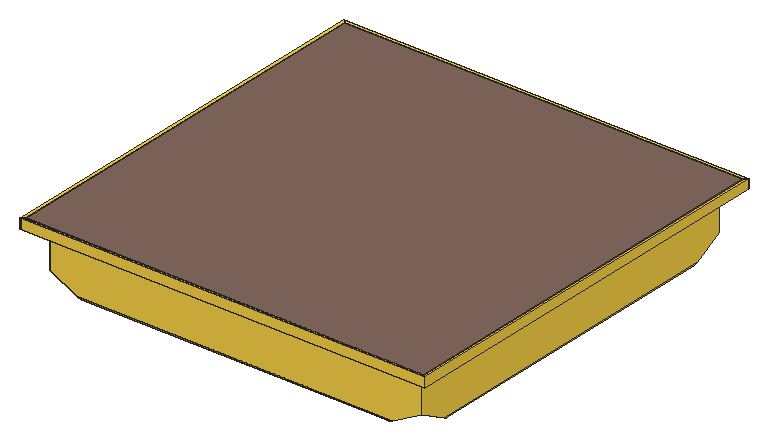
Revit family "CC4_PANEL CC 0.75x0.75_1870096", category Generic Models, Revit 2018
Family settings
  Can host rebar = No
  Round Connector Dimension = Use Diameter
  Part Type = Normal
  OmniClass Number = 35.51.14.00
  OmniClass Title = FORMWORK
  Work Plane-Based = Yes
  Always vertical = No
  Cut with Voids When Loaded = No
  Shared = Yes
  Room Calculation Point = No
Parameters
  VERSION = "20190101"  # constant formula
  URL = "www.ulmaconstruction.com/en"
  UNICLASS = ""
  ITEM_CODE = "1870096"
  Manufacturer = "ULMA CONSTRUCTION"  # constant formula
  FILTER [instance] = ""
  Default Elevation = 0.000 mm
  CLASSIFICATION_TITLE = ""
  CLASSIFICATION_NUMBER = ""
Reference planes
  plane 1 "Centro (Frontal/Posterior)": y = 0
  plane 2: z = 0
  plane 3 "Centro (Izquierda/Derecha)": x = 0
Forms (mm)
  Extrusion 1, solid, material "ULMA YELLOW", detail levels fine
    sketch origin (0, 0, 0) x (1, 0, 0) y (0, 0, 1)
      loop
        line (-361, -85) -> (-361, -10) -> (-389, -10) -> (-389, -12.5) -> (-363, -12.5) -> (-363, -82.5) -> (-389, -82.5) -> (-389, -85) -> (-361, -85)
    from -360.75 to -32
  Extrusion 2, solid, material "ULMA YELLOW", detail levels fine
    sketch origin (0, 540, 0) x (1, 0, 0) y (0, 0, 1)
      loop
        line (-361, -85) -> (-361, -10) -> (-389, -10) -> (-389, -12.5) -> (-363, -12.5) -> (-363, -82.5) -> (-389, -82.5) -> (-389, -85) -> (-361, -85)
    from -177.5 to 177.25
  Extrusion 3, solid, material "ULMA YELLOW", detail levels fine
    sketch origin (0, 0, 0) x (1, 0, 0) y (0, 0, 1)
      loop
        line (-50, -115.5) -> (-50, -118.5) -> (-34, -118.5)
        arc (-34, -118.5) -> (-31.172, -117.328) -> (-30, -114.5) r 4
        line (-30, -114.5) -> (-30, -17.5) -> (0, -17.5) -> (0, 0) -> (-5.25, 0) -> (-5.25, -9) -> (-32, -9) -> (-32, -85) -> (-33, -85) -> (-33, -111.5) -> (-46, -111.5)
        arc (-46, -111.5) -> (-48.828, -112.672) -> (-50, -115.5) r 4
    from 0 to -750
  Extrusion 4, solid, material "ULMA YELLOW", detail levels fine
    sketch origin (-750, 0, 0) x (-1, 0, 0) y (0, 0, -1)
      loop
        arc (-50, 115.5) -> (-48.828, 112.672) -> (-46, 111.5) r 4
        line (-46, 111.5) -> (-33, 111.5) -> (-33, 85) -> (-32, 85) -> (-32, 9) -> (-5.25, 9) -> (-5.25, 0) -> (0, 0) -> (0, 17.5) -> (-30, 17.5) -> (-30, 114.5)
        arc (-30, 114.5) -> (-31.172, 117.328) -> (-34, 118.5) r 4
        line (-34, 118.5) -> (-50, 118.5) -> (-50, 115.5)
    from -750 to 0
  Extrusion 5, solid, material "ULMA YELLOW", detail levels fine
    sketch origin (0, 0, 0) x (0, 1, 0) y (0, 0, 1)
      loop
        line (0, 0) -> (0, -17.5) -> (30, -17.5) -> (30, -114.5)
        arc (30, -114.5) -> (31.172, -117.328) -> (34, -118.5) r 4
        line (34, -118.5) -> (50, -118.5) -> (50, -115.5)
        arc (50, -115.5) -> (48.828, -112.672) -> (46, -111.5) r 4
        line (46, -111.5) -> (33, -111.5) -> (33, -85) -> (32, -85) -> (32, -9) -> (5.25, -9) -> (5.25, 0) -> (0, 0)
    from 0 to -750
  Extrusion 6, void
    sketch origin (-750, 1500, 0) x (-1, 0, 0) y (0, -1, 0)
      loop
        line (0, 1500) -> (-50, 1450) -> (0, 1450) -> (0, 1500)
    from -118.5 to 0
  Extrusion 7, void
    sketch origin (-750, 1500, 0) x (-1, 0, 0) y (0, -1, 0)
      loop
        line (0, 1500) -> (-50, 1500) -> (-50, 1450) -> (0, 1500)
    from -118.5 to 0
  Extrusion 8, void
    sketch origin (0, 1500, 0) x (1, 0, 0) y (0, 1, 0)
      loop
        line (0, -1500) -> (-50, -1450) -> (-50, -1500) -> (0, -1500)
    from -118.5 to 0
  Extrusion 9, void
    sketch origin (0, 1500, 0) x (1, 0, 0) y (0, 1, 0)
      loop
        line (0, -1500) -> (0, -1450) -> (-50, -1450) -> (0, -1500)
    from -118.5 to 0
  Extrusion 10, void
    sketch origin (0, 1500, 0) x (0, -1, 0) y (0, 0, -1)
      loop
        line (1470, 87.546) -> (1470, 118.5) -> (1409.25, 118.5) -> (1470, 87.546)
    from -50 to 0
  Extrusion 11, void
    sketch origin (-1500, 0, 0) x (1, 0, 0) y (0, 0, 1)
      loop
        line (1470, -87.546) -> (1409.25, -118.5) -> (1470, -118.5) -> (1470, -87.546)
    from -50 to 0
  Extrusion 12, void
    sketch origin (750, 0, 0) x (-1, 0, 0) y (0, 0, -1)
      loop
        line (1470, 87.546) -> (1470, 118.5) -> (1409.25, 118.5) -> (1470, 87.546)
    from -50 to 0
  Extrusion 13, void
    sketch origin (-750, 1500, 0) x (0, -1, 0) y (0, 0, 1)
      loop
        line (1470, -87.546) -> (1409.25, -118.5) -> (1470, -118.5) -> (1470, -87.546)
    from -50 to 0
  Extrusion 14, solid, material "ULMA PLYWOOD", detail levels fine
    sketch origin (0, 0, 0) x (1, 0, 0) y (0, 1, 0)
      loop
        line (-744.75, 744.75) -> (-744.75, 5.25) -> (-5.25, 5.25) -> (-5.25, 744.75) -> (-744.75, 744.75)
    from -9 to 0
  Extrusion 15, solid, material "ULMA PLYWOOD", detail levels medium
    sketch origin (0, 0, 0) x (1, 0, 0) y (0, 1, 0)
      loop
        line (-750, 750) -> (-750, 0) -> (0, 0) -> (0, 750) -> (-750, 750)
    from -118.5 to 0
  Extrusion 16, void
    sketch origin (-750, -750, 0) x (0, 1, 0) y (0, 0, -1)
      loop
        line (1470, 87.546) -> (1470, 118.5) -> (1409.25, 118.5) -> (1470, 87.546)
    from -50 to 0
  Extrusion 17, void
    sketch origin (-750, -750, 0) x (-1, 0, 0) y (0, -1, 0)
      loop
        line (0, -1500) -> (-50, -1450) -> (-50, -1500) -> (0, -1500)
    from -118.5 to 0
  Extrusion 18, void
    sketch origin (0, -750, 0) x (1, 0, 0) y (0, 1, 0)
      loop
        line (0, 1500) -> (-50, 1500) -> (-50, 1450) -> (0, 1500)
    from -118.5 to 0
  Extrusion 19, void
    sketch origin (0, -750, 0) x (0, 1, 0) y (0, 0, 1)
      loop
        line (1470, -87.546) -> (1409.25, -118.5) -> (1470, -118.5) -> (1470, -87.546)
    from -50 to 0
  Extrusion 20, solid, material "ULMA YELLOW", detail levels fine
    sketch origin (0, 750, 0) x (0, -1, 0) y (0, 0, -1)
      loop
        line (0, 0) -> (5.25, 0) -> (5.25, 9) -> (32, 9) -> (32, 85) -> (33, 85) -> (33, 111.5) -> (46, 111.5)
        arc (46, 111.5) -> (48.828, 112.672) -> (50, 115.5) r 4
        line (50, 115.5) -> (50, 118.5) -> (34, 118.5)
        arc (34, 118.5) -> (31.172, 117.328) -> (30, 114.5) r 4
        line (30, 114.5) -> (30, 17.5) -> (0, 17.5) -> (0, 0)
    from 0 to -750
  Extrusion 21, void
    sketch origin (0, -750, 0) x (1, 0, 0) y (0, 1, 0)
      loop
        line (0, 1500) -> (-50, 1450) -> (0, 1450) -> (0, 1500)
    from -118.5 to 0
  Extrusion 22, void
    sketch origin (-750, -750, 0) x (-1, 0, 0) y (0, -1, 0)
      loop
        line (0, -1500) -> (0, -1450) -> (-50, -1450) -> (0, -1500)
    from -118.5 to 0
  Extrusion 23, void
    sketch origin (750, 750, 0) x (-1, 0, 0) y (0, 0, 1)
      loop
        line (1470, -87.546) -> (1409.25, -118.5) -> (1470, -118.5) -> (1470, -87.546)
    from -50 to 0
  Extrusion 24, void
    sketch origin (-1500, 750, 0) x (1, 0, 0) y (0, 0, -1)
      loop
        line (1470, 87.546) -> (1470, 118.5) -> (1409.25, 118.5) -> (1470, 87.546)
    from -50 to 0
  Extrusion 25, solid, material "ULMA YELLOW", detail levels fine
    sketch origin (-378.5, -0.25, 0) x (0, -1, 0) y (0, 0, 1)
      loop
        line (-361, -85) -> (-361, -10) -> (-389, -10) -> (-389, -12.5) -> (-363, -12.5) -> (-363, -82.5) -> (-389, -82.5) -> (-389, -85) -> (-361, -85)
    from -346 to 339.5
  Extrusion 26, void
    sketch origin (0, 0, 0) x (1, 0, 0) y (0, 1, 0)
      loop
        line (-363, 388.75) -> (-389, 388.75) -> (-389, 362.75) -> (-363, 362.75) -> (-363, 388.75)
    from -85 to -10
Cuts and joins
  Extrusion 8, Extrusion 10, Extrusion 18, Extrusion 19 cuts Extrusion 3
  Extrusion 7, Extrusion 8, Extrusion 9, Extrusion 13, Extrusion 16, Extrusion 17 cuts Extrusion 4
  Extrusion 6, Extrusion 9, Extrusion 11, Extrusion 12 cuts Extrusion 5
  Extrusion 21, Extrusion 22, Extrusion 23, Extrusion 24 cuts Extrusion 20
  Extrusion 26 cuts Extrusion 14
  Extrusion 26 cuts Extrusion 2
Lines and regions (mm)
  model lines, style "ULMA PANEL CC", detail levels coarse
    curve 1: line (-660, 90, 0) -> (-90, 660, 0)
Dimensions and locks
  aligned and locked: level to plane 2
